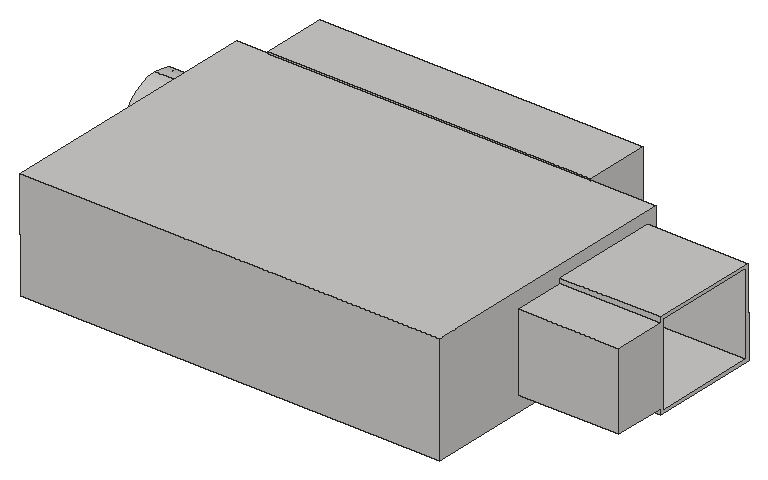
Revit family
Parameters
  Width = 2' - 2"
  Voltage = 240 V
  Unit Weight = "136.0 lbs"
  URL = "http://www.titus-hvac.com/"
  UL = "181"
  Supply Air Flow [instance] = 0 CFM
  Primary Air Pressure Drop [instance] = 0.00 in-wg
  Primary Air Flow [instance] = 0 CFM
  Plenum Air Pressure Drop [instance] = 0.00 in-wg
  Plenum Air Flow [instance] = 0 CFM
  Outlet Width = 0' - 10 1/2"
  Outlet Vertical Offset = 0' - 2 1/4"
  Outlet Horizontal Offset = 0' - 1 1/16"
  Outlet Height = 0' - 8 3/8"
  Number of Poles = 2
  Nominal Width = Width + 0' 6 1/4"  # 2' - 8 1/4"
  Nominal Length = Length + 0' 3 3/8" + 0' 9 3/4"  # 4' - 5 3/8"
  Nominal Inlet Size = 0' - 8"
  Nominal Height = 0' - 10 5/8"  # constant formula
  NFPA = "90A"
  Motor Full Load Amps [instance] = 1.6 A
  Model = "DFLS"
  Min. Air Flow = 0 CFM
  Max. Air Flow = 900 CFM
  Material = Steel
  Manufacturer = "Titus"
  Lynergy Controlled Heater = no
  Length = 3' - 4 1/4"
  Juction Box Offset = 0' - 3"
  Inlet Diameter = Nominal Inlet Size - 0' 0 1/8"  # 0' - 7 7/8"
  Induced Air Inlet Vertical Offset = 0' - 0 5/8"
  Induced Air Inlet Horizontal Offset = 0' - 0 7/8"
  Induced Air Inlet Width = 1' - 2 5/8"
  Induced Air Inlet Height = 0' - 8 3/4"
  Induced Air Filter = no
  Height = 0' - 10 1/2"
  Heating Total Capacity [instance] = 0 Btu/h
  Half Outlet Connection Width = Outlet Width / 2  # 0' - 5 1/4"
  Half Outlet Connection Height = Outlet Height / 2  # 0' - 4 3/16"
  Half Height Start = -(Height / 2)  # -0' - 5 1/4"
  Half Height End = Height / 2  # 0' - 5 1/4"
  HP-Motor = "1/6"
  Fuse Block = no
  Frequency = 60 Hz
  Foil Face Liner = Choose Liner Option = 1  # no
  Fiber Free Liner = Choose Liner Option = 2  # no
  Electric Heat Power [instance] = 0 VA
  Duct Radius = Nominal Inlet Size / 2  # 0' - 4"
  Disconnect Switch = no
  Description = "Series Fan Powered Terminal Unit, Direct Digital Control, Pressure Independent, Low Profile"
  Connection Void Radius = Connection Radius - 0' 0 1/4"  # 0' - 3 11/16"
  Connection Radius = Inlet Diameter / 2  # 0' - 3 15/16"
  Choose Liner Option = 0
  CADworks URL = "www.CADworks.net"
  Assembly Code = "D3040100"
  Apparent Power [instance] = Electric Heat Power + Motor Full Load Amps * Voltage  # 384 VA
  Air Inlet Offset = 0' - 5 5/8"
  1/2" Fiberglass Liner = Choose Liner Option = 0  # yes
Reference planes (in)
  plane 1 "Center (Front/Back)": y = 0
  plane 2: z = 0
  plane 3 "Center (Left/Right)": x = 3
  plane 4: x = -17.125
  plane 5: x = 23.125
  plane 6: x = -14.125
  plane 7: x = -20.5
  plane 8 "Center (Elevation)": z = 0
  plane 9: y = -13
  plane 10: y = 13
  plane 11: y = 7.375
  plane 12: y = -12.125
  plane 13: z = 5.25
  plane 14: z = -5.25
  plane 15: x = -11.125
  plane 16: y = 19.25
  plane 17: x = 32.875
Forms (in)
  Extrusion 1, solid, material "Steel" <- "Material"
    sketch origin (0, 0, 0) x (1, 0, 0) y (0, 1, 0)
      loop
        line (-17.125, 13) -> (-17.125, -13) -> (23.125, -13) -> (23.125, 13) -> (-17.125, 13)
    from -5.25 <- "Half Height Start" to 5.25 <- "Half Height End"
  Extrusion 2, solid, material "Steel" <- "Material"
    sketch origin (4.5, 0, -4.25) x (1, 0, 0) y (0, 1, 0)
      loop
        line (-18.625, 13) -> (12.375, 13) -> (12.375, 19.25) -> (-18.625, 19.25) -> (-18.625, 13)
    from 0 to 9.625
  Extrusion 3, solid, material "Steel" <- "Material"
    sketch origin (-24.875, -5.125, 0) x (0, 0, -1) y (0, 1, 0)
      loop
        circle (0, 12.5) r 3.9375
    from 4.375 to 7.75
  Extrusion 4, void
    sketch origin (-24.875, 0, 0) x (0, 1, 0) y (0, 0, 1)
      loop
        circle (7.375, 0) r 3.6875
    from 4.375 to 13.75
  Extrusion 5, void
    sketch origin (-17.125, -13, 0) x (0, -1, 0) y (0, 0, -1)
      loop
        line (-15.5, -4.125) -> (-0.875, -4.125) -> (-0.875, 4.625) -> (-15.5, 4.625) -> (-15.5, -4.125)
    from 0 to 6
  Extrusion 6, solid, material "Steel" <- "Material"
    sketch origin (23.125, 42.625, 0) x (0, -1, 0) y (0, 0, -1)
      loop
        line (46.25, -3.6875) -> (46.25, 3.6875) -> (41.25, 3.6875) -> (41.25, 4.1875) -> (30.75, 4.1875) -> (30.75, -4.1875) -> (41.25, -4.1875) -> (41.25, -3.6875) -> (46.25, -3.6875)
      loop
        line (41, -3.9375) -> (41, 3.9375) -> (31, 3.9375) -> (31, -3.9375) -> (41, -3.9375)
    from 0 to 9.75
Cuts and joins
  Extrusion 4, Extrusion 5 cuts Extrusion 1
  Extrusion 4 cuts Extrusion 3
Dimensions and locks (in)
  "Length": plane 5 to plane 4
  equal spacing: plane 5, plane 3 "Center (Left/Right)", plane 4, locked at 20.125 each
  locked: Extrusion 2 to Extrusion 2 at 31
  "Juction Box Offset": plane 6 to plane 4
  locked: plane 4 to plane 7 at 3.375
  "Width": plane 9 to plane 10
  equal spacing: plane 9, plane 1 "Center (Front/Back)", plane 10, locked at 13 each
  locked: Extrusion 2 to Extrusion 2 at 6.25
  locked: cut or joined group of Extrusion 3, Extrusion 4 to plane 11 at 0
  locked: Extrusion 4 sketch curve to plane 11 at 0  (x2)
  "Air Inlet Offset": plane 10 to plane 11
  locked: cut or joined group of Extrusion 3, Extrusion 4 to cut or joined group of Extrusion 3, Extrusion 4 at 3.375
  "Induced Air Inlet Horizontal Offset": plane 9 to plane 12
  "Induced Air Inlet Width": Extrusion 5 sketch curve to Extrusion 5 sketch curve
  "Induced Air Inlet Height": Extrusion 5 sketch curve to Extrusion 5 sketch curve
  "Induced Air Inlet Horizontal Offset": Extrusion 5 sketch curve to plane 9
  locked: Extrusion 6 sketch curve to Extrusion 6 sketch curve at 5  (x2)
  locked: Extrusion 3 sketch curve to level at 0
  locked: Extrusion 3 sketch curve to plane 11 at 0
  locked: Extrusion 4 sketch curve to level at 0
  "Induced Air Inlet Vertical Offset": cut or joined group of Extrusion 1, Extrusion 4, Extrusion 5 to Extrusion 5 sketch curve
  locked: plane 5 to plane 17 at 9.75
  equal spacing: plane 13, level, plane 14, locked at 5.25 each
  locked: Extrusion 2 to Extrusion 2 at 9.625
  locked: plane 14 to Extrusion 2 at 1
  Extrusion 6 sketch curve to Extrusion 6 sketch curve = 0' - 7 3/8"
  equal spacing: Extrusion 6 sketch curve, level, Extrusion 6 sketch curve, locked at 3.6875 each
  locked: Extrusion 6 sketch curve to Extrusion 6 sketch curve at 0.5  (x2)
  "Outlet Width": Extrusion 6 sketch curve to Extrusion 6 sketch curve
  locked: Extrusion 6 sketch curve to plane 10 at 1.125
  "Outlet Height": Extrusion 6 sketch curve to Extrusion 6 sketch curve
  equal spacing: Extrusion 6 sketch curve, level, Extrusion 6 sketch curve, locked at 4.1875 each
  locked: Extrusion 6 sketch curve to Extrusion 6 sketch curve at 0.25  (x4)
  "Connection Radius": radius of Extrusion 3 sketch curve
  "Connection Void Radius": radius of Extrusion 4 sketch curve
  aligned and locked: plane 13 to cut or joined group of Extrusion 1, Extrusion 4, Extrusion 5
  aligned and locked: plane 14 to cut or joined group of Extrusion 1, Extrusion 4, Extrusion 5
  aligned and locked: plane 15 to Extrusion 5
  aligned and locked: Extrusion 5 to Extrusion 4
  aligned and locked: plane 16 to Extrusion 2
  aligned and locked: plane 10 to cut or joined group of Extrusion 1, Extrusion 4, Extrusion 5
  aligned and locked: plane 4 to cut or joined group of Extrusion 1, Extrusion 4, Extrusion 5  (x3)
  aligned and locked: plane 5 to cut or joined group of Extrusion 1, Extrusion 4, Extrusion 5
  aligned and locked: plane 9 to cut or joined group of Extrusion 1, Extrusion 4, Extrusion 5
  aligned and locked: plane 12 to cut or joined group of Extrusion 1, Extrusion 4, Extrusion 5
  aligned and locked: plane 15 to cut or joined group of Extrusion 1, Extrusion 4, Extrusion 5  (x2)
  aligned and locked: plane 7 to cut or joined group of Extrusion 3, Extrusion 4  (x2)
  aligned and locked: plane 4 to cut or joined group of Extrusion 3, Extrusion 4
  aligned and locked: plane 6 to Extrusion 2
  aligned and locked: plane 10 to Extrusion 2
  aligned and locked: plane 5 to Extrusion 6
  aligned and locked: plane 17 to Extrusion 6
Automatic sketch dimensions
  Extrusion 1 sketch curve to plane 4 = 0' - 0"
  Extrusion 1 sketch curve to plane 5 = 0' - 0"
  Extrusion 1 sketch curve to plane 9 = 0' - 0"
  Extrusion 1 sketch curve to plane 10 = 0' - 0"
  Extrusion 2 sketch curve to plane 6 = 0' - 0"
  Extrusion 2 sketch curve to plane 10 = 0' - 0"
  Extrusion 2 sketch curve to plane 5 = 0' - 6 1/4"
  Extrusion 2 sketch curve to Extrusion 2 sketch curve = 0' - 6 1/4"
  Extrusion 6 sketch curve to Extrusion 6 sketch curve = 0' - 0 1/4"  (x2)
Connectors (in)
  electrical at (1.375, 19.25, 0.5625), driven by "Apparent Power", driven by "Voltage", driven by "Number of Poles"
    settings: on Extrusion 2, index 8
  hvac at (-20.5, 7.375, 0), driven by "Primary Air Flow", driven by "Duct Radius", driven by "Primary Air Pressure Drop"
    settings: on cut or joined group of Extrusion 3, Extrusion 4, index 9
  hvac at (-17.125, -4.8125, -0.25), driven by "Plenum Air Flow", driven by "Induced Air Inlet Height", driven by "Induced Air Inlet Width", driven by "Plenum Air Pressure Drop"
    settings: on cut or joined group of Extrusion 1, Extrusion 4, Extrusion 5, index 10
  hvac at (32.875, 6.625, 0), driven by "Supply Air Flow", driven by "Outlet Height", driven by "Outlet Width"
    settings: on Extrusion 6, index 13
